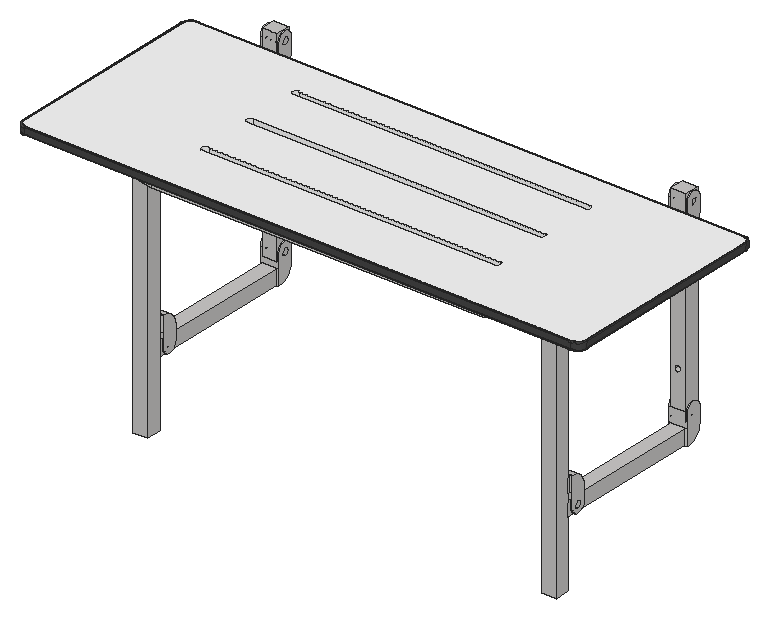
Revit family "Specialty Equipment_Shower Seat_Metlam_ML995CL", category Specialty Equipment, Revit 2014
Parameters (values of type "960w x 496h x 400d")
  URL = "http://www.metlam.com.au/"
  Type Comments = "Shower Seats"  # constant formula
  ModifiedIssue_ANZRS = 20151029  # constant formula
  Model = "ML995CL"
  Frame Material = z_Metlam_Stainless Steel
  Seat Material = z_Metlam_White Laminate
  Manufacturer_URL__Product Specific = "http://metlam.com.au/product/content/shower-seats-shower-related/ML995CL"
  Manufacturer_URL_Home Page = "http://www.metlam.com.au/"
  Manufacturer_Spec Code = Model  # "ML995CL"
  Manufacturer_Overall Width = 960 mm  # constant formula
  Manufacturer_Overall Height = 496 mm  # constant formula
  Manufacturer_Overall Depth = 400 mm  # constant formula
  Manufacturer_Height From FFL [instance] = 473 mm
  Manufacturer = "Metlam"  # constant formula
  Keynote = ""
  Seat Edge Material = z_Metlam_Black
  Description = "Compact Laminate Folding Shower Seat"  # constant formula
  CreatedBy_ANZRS = "IGS - BIM Solutions"  # constant formula
  CreatedByURL_ANZRS = "http://www.igsgroup.com.au/"
  Assembly Code = "C1030200"
Reference planes
  plane 1 "Origin": z = 0
  plane 2 "Front": y = -620.9
  plane 3 "Center (Left/Right)": x = -194.828
  plane 4 "Top": z = 496.456
  plane 5 "Right": x = 285.172
  plane 6 "Bottom": z = 0.456
  plane 7 "Left": x = -674.828
  plane 8 "Back": y = -220.9
  plane 9 "Center (Front/Back)": y = -420.9
  plane 10 "Mounting Height": z = 473
Forms (mm)
  Extrusion 1, solid, material "z_Metlam_White Laminate" <- "Seat Material"
    sketch origin (0, 0, 496.456) x (-1, 0, 0) y (0, -1, 0)
      loop
        arc (434.915, 317.755) -> (441.015, 323.855) -> (434.915, 329.955) r 6.1
        line (434.915, 329.955) -> (-60.789, 329.955)
        arc (-60.789, 329.955) -> (-66.889, 323.855) -> (-60.789, 317.755) r 6.1
        line (-60.789, 317.755) -> (434.915, 317.755)
      loop
        arc (435.579, 414.645) -> (441.678, 420.745) -> (435.579, 426.845) r 6.1
        line (435.579, 426.845) -> (-60.126, 426.845)
        arc (-60.126, 426.845) -> (-66.226, 420.745) -> (-60.126, 414.645) r 6.1
        line (-60.126, 414.645) -> (435.579, 414.645)
      loop
        arc (434.25, 511.221) -> (440.349, 517.321) -> (434.25, 523.421) r 6.1
        line (434.25, 523.421) -> (-61.455, 523.421)
        arc (-61.455, 523.421) -> (-67.554, 517.321) -> (-61.455, 511.221) r 6.1
        line (-61.455, 511.221) -> (434.25, 511.221)
      loop
        arc (659.828, 255.354) -> (668.667, 259.015) -> (672.328, 267.854) r 12.5
        line (672.328, 267.854) -> (672.328, 605.9)
        arc (672.328, 605.9) -> (668.667, 614.738) -> (659.828, 618.4) r 12.5
        line (659.828, 618.4) -> (-270.172, 618.4)
        arc (-270.172, 618.4) -> (-279.011, 614.738) -> (-282.672, 605.9) r 12.5
        line (-282.672, 605.9) -> (-282.672, 267.854)
        arc (-282.672, 267.854) -> (-279.011, 259.015) -> (-270.172, 255.354) r 12.5
        line (-270.172, 255.354) -> (659.828, 255.354)
    from -36.468 to -23.456
  Extrusion 2, solid, material "z_Metlam_Stainless Steel" <- "Frame Material"
    sketch origin (-688.842, 0, 0) x (0, 0, 1) y (0, -1, 0)
      loop
        line (496.456, 220.9) -> (496.456, 245.9) -> (148.421, 245.9) -> (148.421, 220.9) -> (496.456, 220.9)
    from 134.014 to 159.014
  Extrusion 3, solid, material "z_Metlam_Stainless Steel" <- "Frame Material"
    sketch origin (-688.842, 0, 0) x (0, 0, 1) y (0, -1, 0)
      loop
        arc (459.989, 490.998) -> (452.919, 510.523) -> (434.989, 520.998) r 30.5
        line (434.989, 520.998) -> (434.989, 470.599)
        arc (434.989, 470.599) -> (447.489, 458.099) -> (459.989, 470.599) r 12.5
        line (459.989, 470.599) -> (459.989, 490.998)
      loop
        circle (447.59, 472.009) r 5
    from 130.514 to 162.514
  Extrusion 4, solid, material "z_Metlam_Stainless Steel" <- "Frame Material"
    sketch origin (-692.342, 0, 0) x (0, 0, 1) y (0, -1, 0)
      loop
        line (434.989, 245.9) -> (434.989, 244.426)
        arc (434.989, 244.426) -> (441.88, 227.79) -> (458.516, 220.9) r 23.527
        line (458.516, 220.9) -> (483.816, 220.9)
        arc (483.816, 220.9) -> (496.316, 233.4) -> (483.816, 245.9) r 12.5
        line (483.816, 245.9) -> (434.989, 245.9)
      loop
        circle (481.251, 233.181) r 5
    from 134.014 to 166.014
  Extrusion 5, solid, material "z_Metlam_Stainless Steel" <- "Frame Material"
    sketch origin (299.186, 0, 0) x (0, 0, 1) y (0, 1, 0)
      loop
        line (496.456, -220.9) -> (148.421, -220.9) -> (148.421, -245.9) -> (496.456, -245.9) -> (496.456, -220.9)
    from 134.014 to 159.014
  Extrusion 6, solid, material "z_Metlam_Stainless Steel" <- "Frame Material"
    sketch origin (299.186, 0, 0) x (0, 0, 1) y (0, 1, 0)
      loop
        line (459.989, -490.998) -> (459.989, -470.599)
        arc (459.989, -470.599) -> (447.489, -458.099) -> (434.989, -470.599) r 12.5
        line (434.989, -470.599) -> (434.989, -520.998)
        arc (434.989, -520.998) -> (452.919, -510.523) -> (459.989, -490.998) r 30.5
    from 130.514 to 162.514
  Extrusion 7, solid, material "z_Metlam_Stainless Steel" <- "Frame Material"
    sketch origin (302.686, 0, 0) x (0, 0, 1) y (0, 1, 0)
      loop
        line (434.989, -245.9) -> (483.816, -245.9)
        arc (483.816, -245.9) -> (496.316, -233.4) -> (483.816, -220.9) r 12.5
        line (483.816, -220.9) -> (458.516, -220.9)
        arc (458.516, -220.9) -> (441.88, -227.79) -> (434.989, -244.426) r 23.527
        line (434.989, -244.426) -> (434.989, -245.9)
      loop
        circle (481.251, -233.181) r 5
    from 134.014 to 166.014
  Extrusion 8, solid, material "z_Metlam_Stainless Steel" <- "Frame Material"
    sketch origin (140.416, 0, 0) x (0, 0, 1) y (0, -1, 0)
      loop
        line (138.611, 495.998) -> (113.55, 495.998) -> (113.55, 245.9) -> (138.611, 245.9) -> (138.611, 495.998)
    from -0.244 to 24.756
  Extrusion 9, void
    sketch origin (0, -220.9, 0) x (-1, 0, 0) y (0, 0, -1)
      loop
        circle (-152.672, -411.456) r 5
      loop
        circle (-152.672, -225.456) r 5
      loop
        circle (542.328, -411.456) r 5
      loop
        circle (542.328, -225.456) r 5
    from 0 to 25
  Sweep 10, solid, material "z_Metlam_Stainless Steel" <- "Frame Material"
    path origin (0, 0, 496.456) x (-1, 0, 0) y (0, -1, 0)
      loop
        line (-152.672, 245.9) -> (-152.672, 502.854)
        arc (-152.672, 502.854) -> (-130.705, 555.887) -> (-77.672, 577.854) r 75
        line (-77.672, 577.854) -> (467.328, 577.854)
        arc (467.328, 577.854) -> (520.361, 555.887) -> (542.328, 502.854) r 75
        line (542.328, 502.854) -> (542.328, 245.9)
    profile origin (-542.328, -374.377, 496.456) x (-1, 0, 0) y (0, 0, 1)
      loop
        line (12.5, -36.468) -> (-12.5, -36.468) -> (-12.5, -61.468) -> (12.5, -61.468) -> (12.5, -36.468)
  Extrusion 11, solid, material "z_Metlam_Stainless Steel" <- "Frame Material"
    sketch origin (168.672, 0, 0) x (0, 0, 1) y (0, 1, 0)
      loop
        line (163.342, -220.9) -> (137.317, -220.9)
        arc (137.317, -220.9) -> (120.511, -227.861) -> (113.55, -244.667) r 23.768
        line (113.55, -244.667) -> (113.55, -245.9) -> (163.342, -245.9)
        arc (163.342, -245.9) -> (175.842, -233.4) -> (163.342, -220.9) r 12.5
    from 0 to 32
  Extrusion 12, solid, material "z_Metlam_Stainless Steel" <- "Frame Material"
    sketch origin (-558.328, 0, 0) x (0, 0, 1) y (0, -1, 0)
      loop
        arc (163.342, 220.9) -> (175.842, 233.4) -> (163.342, 245.9) r 12.5
        line (163.342, 245.9) -> (113.55, 245.9) -> (113.55, 244.667)
        arc (113.55, 244.667) -> (120.511, 227.861) -> (137.317, 220.9) r 23.768
        line (137.317, 220.9) -> (163.342, 220.9)
    from 0 to 32
  Extrusion 13, solid, material "z_Metlam_Stainless Steel" <- "Frame Material"
    sketch origin (0, 0, 496.456) x (-1, 0, 0) y (0, -1, 0)
      loop
        arc (-136.672, 245.9) -> (-139.147, 246.925) -> (-140.172, 249.4) r 3.5
        line (-140.172, 249.4) -> (-140.172, 245.9) -> (-136.672, 245.9)
      loop
        line (-168.672, 245.9) -> (-165.172, 245.9) -> (-165.172, 249.4)
        arc (-165.172, 249.4) -> (-166.197, 246.925) -> (-168.672, 245.9) r 3.5
      loop
        line (526.328, 245.9) -> (529.828, 245.9) -> (529.828, 249.4)
        arc (529.828, 249.4) -> (528.803, 246.925) -> (526.328, 245.9) r 3.5
      loop
        arc (558.328, 245.9) -> (555.853, 246.925) -> (554.828, 249.4) r 3.5
        line (554.828, 249.4) -> (554.828, 245.9) -> (558.328, 245.9)
    from -61.468 to -36.468
  Extrusion 14, solid, material "z_Metlam_Stainless Steel" <- "Frame Material"
    sketch origin (0, 0, 0.456) x (-1, 0, 0) y (0, -1, 0)
      loop
        arc (-136.672, 245.9) -> (-139.147, 246.925) -> (-140.172, 249.4) r 3.5
        line (-140.172, 249.4) -> (-140.172, 245.9) -> (-136.672, 245.9)
      loop
        line (-165.172, 245.9) -> (-165.172, 249.4)
        arc (-165.172, 249.4) -> (-166.197, 246.925) -> (-168.672, 245.9) r 3.5
        line (-168.672, 245.9) -> (-165.172, 245.9)
      loop
        line (526.328, 245.9) -> (529.828, 245.9) -> (529.828, 249.4)
        arc (529.828, 249.4) -> (528.803, 246.925) -> (526.328, 245.9) r 3.5
      loop
        line (554.828, 245.9) -> (558.328, 245.9)
        arc (558.328, 245.9) -> (555.853, 246.925) -> (554.828, 249.4) r 3.5
        line (554.828, 249.4) -> (554.828, 245.9)
    from 113.093 to 138.155
  Extrusion 15, solid, material "z_Metlam_Stainless Steel" <- "Frame Material"
    sketch origin (-530.072, 0, 0) x (0, 0, 1) y (0, 1, 0)
      loop
        line (138.611, -495.998) -> (138.611, -245.9) -> (113.55, -245.9) -> (113.55, -495.998) -> (138.611, -495.998)
    from -0.244 to 24.756
  Extrusion 16, solid, material "z_Metlam_Stainless Steel" <- "Frame Material"
    sketch origin (171.672, 0, 0) x (0, 0, 1) y (0, 1, 0)
      loop
        circle (159.88, -233.678) r 5
      loop
        circle (481.251, -233.181) r 5
      loop
        circle (447.59, -472.009) r 5
    from 3 to 35
  Extrusion 17, solid, material "z_Metlam_Stainless Steel" <- "Frame Material"
    sketch origin (-561.328, 0, 0) x (0, 0, 1) y (0, -1, 0)
      loop
        circle (159.88, 233.678) r 5
      loop
        circle (481.251, 233.181) r 5
      loop
        circle (447.59, 472.009) r 5
    from 3 to 35
  Extrusion 18, solid, material "z_Metlam_Stainless Steel" <- "Frame Material"
    sketch origin (168.672, -246.098, 2088.478) x (0, 0, -1) y (0, -1, 0)
      loop
        arc (1962.429, 220.9) -> (1974.929, 233.4) -> (1962.429, 245.9) r 12.5
        line (1962.429, 245.9) -> (1912.637, 245.9) -> (1912.637, 244.667)
        arc (1912.637, 244.667) -> (1919.598, 227.861) -> (1936.404, 220.9) r 23.768
        line (1936.404, 220.9) -> (1962.429, 220.9)
    from 0 to 32
  Extrusion 19, solid, material "z_Metlam_Stainless Steel" <- "Frame Material"
    sketch origin (165.172, 0, 0) x (0, 0, 1) y (0, 1, 0)
      loop
        line (175.842, -491.998) -> (150.842, -491.998) -> (150.842, -495.998) -> (175.842, -495.998) -> (175.842, -491.998)
    from 0 to 25
  Extrusion 20, solid, material "z_Metlam_Stainless Steel" <- "Frame Material"
    sketch origin (-554.828, 0, 0) x (0, 0, 1) y (0, -1, 0)
      loop
        line (175.842, 491.998) -> (175.842, 495.998) -> (150.842, 495.998) -> (150.842, 491.998) -> (175.842, 491.998)
    from 0 to 25
  Extrusion 21, solid, material "z_Metlam_Stainless Steel" <- "Frame Material"
    sketch origin (171.672, 0, 0) x (0, 0, 1) y (0, 1, 0)
      loop
        circle (127.103, -479.498) r 5
    from 3 to 35
  Extrusion 22, solid, material "z_Metlam_Stainless Steel" <- "Frame Material"
    sketch origin (-561.328, 0, 0) x (0, 0, 1) y (0, -1, 0)
      loop
        circle (127.103, 479.498) r 5
    from 3 to 35
  Extrusion 23, solid, material "z_Metlam_Stainless Steel" <- "Frame Material"
    sketch origin (-558.328, -246.098, 2088.478) x (0, 0, -1) y (0, 1, 0)
      loop
        line (1962.429, -220.9) -> (1936.404, -220.9)
        arc (1936.404, -220.9) -> (1919.598, -227.861) -> (1912.637, -244.667) r 23.768
        line (1912.637, -244.667) -> (1912.637, -245.9) -> (1962.429, -245.9)
        arc (1962.429, -245.9) -> (1974.929, -233.4) -> (1962.429, -220.9) r 12.5
    from 0 to 32
  Extrusion 24, solid, material "z_Metlam_Stainless Steel" <- "Frame Material"
    sketch origin (0, 0, 0.456) x (-1, 0, 0) y (0, -1, 0)
      loop
        arc (558.328, 491.998) -> (555.853, 493.023) -> (554.828, 495.498) r 3.5
        line (554.828, 495.498) -> (554.828, 491.998) -> (558.328, 491.998)
      loop
        line (526.328, 491.998) -> (529.828, 491.998) -> (529.828, 495.498)
        arc (529.828, 495.498) -> (528.803, 493.023) -> (526.328, 491.998) r 3.5
      loop
        line (-168.672, 491.998) -> (-165.172, 491.998) -> (-165.172, 495.498)
        arc (-165.172, 495.498) -> (-166.197, 493.023) -> (-168.672, 491.998) r 3.5
      loop
        arc (-136.672, 491.998) -> (-139.147, 493.023) -> (-140.172, 495.498) r 3.5
        line (-140.172, 495.498) -> (-140.172, 491.998) -> (-136.672, 491.998)
    from 150.385 to 175.385
  Extrusion 25, solid, material "z_Metlam_Stainless Steel" <- "Frame Material"
    sketch origin (0, 0, 0.456) x (-1, 0, 0) y (0, -1, 0)
      loop
        line (558.328, 520.998) -> (526.328, 520.998) -> (526.328, 495.998) -> (558.328, 495.998) -> (558.328, 520.998)
      loop
        line (-168.672, 520.998) -> (-168.672, 495.998) -> (-136.672, 495.998) -> (-136.672, 520.998) -> (-168.672, 520.998)
    from 0 to 434.532
  Extrusion 26, void
    sketch origin (0, -620.9, 0) x (-1, 0, 0) y (0, 0, 1)
      loop
        line (526.328, 434.989) -> (526.328, 0.456) -> (529.828, 0.456) -> (529.828, 431.489)
        arc (529.828, 431.489) -> (528.803, 433.964) -> (526.328, 434.989) r 3.5
      loop
        arc (558.328, 434.989) -> (555.853, 433.964) -> (554.828, 431.489) r 3.5
        line (554.828, 431.489) -> (554.828, 0.456) -> (558.328, 0.456) -> (558.328, 434.989)
      loop
        arc (-136.672, 434.989) -> (-139.147, 433.964) -> (-140.172, 431.489) r 3.5
        line (-140.172, 431.489) -> (-140.172, 0.456) -> (-136.672, 0.456) -> (-136.672, 434.989)
      loop
        line (-168.672, 434.989) -> (-168.672, 0.456) -> (-165.172, 0.456) -> (-165.172, 431.489)
        arc (-165.172, 431.489) -> (-166.197, 433.964) -> (-168.672, 434.989) r 3.5
    from 99.902 to 124.902
  Sweep 27, solid, material "z_Metlam_Black" <- "Seat Edge Material"
    path in 3D
      loop
        arc (270.172, -618.4, 473) -> (279.011, -614.738, 473) -> (282.672, -605.9, 473) r 12.5
        line (282.672, -605.9, 473) -> (282.672, -267.854, 473)
        arc (282.672, -267.854, 473) -> (279.011, -259.015, 473) -> (270.172, -255.354, 473) r 12.5
        line (270.172, -255.354, 473) -> (-659.828, -255.354, 473)
        arc (-659.828, -255.354, 473) -> (-668.667, -259.015, 473) -> (-672.328, -267.854, 473) r 12.5
        line (-672.328, -267.854, 473) -> (-672.328, -605.9, 473)
        arc (-672.328, -605.9, 473) -> (-668.667, -614.738, 473) -> (-659.828, -618.4, 473) r 12.5
        line (-659.828, -618.4, 473) -> (270.172, -618.4, 473)
    profile origin (-194.828, -618.4, 473) x (0, 1, 0) y (0, 0, 1)
      loop
        line (0, 0) -> (-1, 0)
        arc (-1, 0) -> (-2.061, -0.439) -> (-2.5, -1.5) r 1.5
        line (-2.5, -1.5) -> (-2.5, -11.511)
        arc (-2.5, -11.511) -> (-2.061, -12.572) -> (-1, -13.011) r 1.5
        line (-1, -13.011) -> (0, -13.011) -> (0, 0)
Cuts and joins
  Extrusion 9 cuts Extrusion 2
  Extrusion 9 cuts Extrusion 5
  joined: Extrusion 4, Extrusion 7, Extrusion 8, Sweep 10, Extrusion 11, Extrusion 12, Extrusion 13, Extrusion 14, Extrusion 15, Extrusion 18, Extrusion 19, Extrusion 20, Extrusion 23, Extrusion 24
  Extrusion 26 cuts Extrusion 25
Lines and regions (mm)
  Masking region 1
    outline origin (0, -620.9, 0) x (-1, 0, 0) y (0, 0, 1)
      loop
        line (674.828, 473) -> (558.328, 473) -> (558.328, 496.456) -> (526.328, 496.456) -> (526.328, 473) -> (-136.672, 473) -> (-136.672, 496.456) -> (-168.672, 496.456) -> (-168.672, 473) -> (-285.172, 473) -> (-285.172, 459.989) -> (-168.672, 459.989) -> (-168.672, 434.989)
        arc (-168.672, 434.989) -> (-166.197, 433.964) -> (-165.172, 431.489) r 3.5
        line (-165.172, 431.489) -> (-165.172, 175.874) -> (-168.672, 175.874) -> (-168.672, 113.55) -> (-165.172, 113.55) -> (-165.172, 0.456) -> (-140.172, 0.456) -> (-140.172, 113.55) -> (-136.672, 113.55) -> (-136.672, 175.874) -> (-140.172, 175.874) -> (-140.172, 431.489)
        arc (-140.172, 431.489) -> (-139.147, 433.964) -> (-136.672, 434.989) r 3.5
        line (-136.672, 434.989) -> (526.328, 434.989)
        arc (526.328, 434.989) -> (528.803, 433.964) -> (529.828, 431.489) r 3.5
        line (529.828, 431.489) -> (529.828, 175.874) -> (526.328, 175.874) -> (526.328, 113.55) -> (529.828, 113.55) -> (529.828, 0.456) -> (554.828, 0.456) -> (554.828, 113.55) -> (558.328, 113.55) -> (558.328, 175.874) -> (554.828, 175.874) -> (554.828, 431.489)
        arc (554.828, 431.489) -> (555.853, 433.964) -> (558.328, 434.989) r 3.5
        line (558.328, 434.989) -> (558.328, 459.989) -> (674.828, 459.989) -> (674.828, 473)
  Masking region 2
    outline origin (285.172, 0, 0) x (0, 0, 1) y (0, -1, 0)
      loop
        line (473, 620.9) -> (459.989, 620.9) -> (459.989, 590.354) -> (434.989, 590.354) -> (434.989, 520.998) -> (0.456, 520.998) -> (0.456, 495.998) -> (113.55, 495.998) -> (113.55, 245.9)
        arc (113.55, 245.9) -> (119.457, 228.909) -> (135.564, 220.9) r 23.81
        line (135.564, 220.9) -> (496.456, 220.9) -> (496.456, 245.9) -> (459.989, 245.9) -> (459.989, 252.854) -> (473, 252.854) -> (473, 620.9)
      loop
        line (434.989, 495.998) -> (175.842, 495.998) -> (175.842, 490.765)
        arc (175.842, 490.765) -> (168.88, 473.959) -> (152.074, 466.998) r 23.768
        line (152.074, 466.998) -> (138.611, 466.998) -> (138.611, 245.9) -> (434.989, 245.9) -> (434.989, 495.998)
      loop
        line (138.611, 495.998) -> (138.611, 491.998) -> (150.842, 491.998) -> (150.842, 495.998) -> (138.611, 495.998)
  Masking region 3
    outline origin (0, 0, 496.456) x (-1, 0, 0) y (0, -1, 0)
      loop
        line (-270.172, 252.854) -> (-165.172, 252.854)
        arc (-165.172, 252.854) -> (-166.364, 249.096) -> (-168.672, 245.9) r 12.455
        line (-168.672, 245.9) -> (-168.672, 220.9) -> (-136.672, 220.9) -> (-136.672, 245.9)
        arc (-136.672, 245.9) -> (-138.977, 249.097) -> (-140.172, 252.854) r 12.5
        line (-140.172, 252.854) -> (529.828, 252.854)
        arc (529.828, 252.854) -> (528.633, 249.097) -> (526.328, 245.9) r 12.5
        line (526.328, 245.9) -> (526.328, 220.9) -> (558.328, 220.9) -> (558.328, 245.9)
        arc (558.328, 245.9) -> (556.021, 249.096) -> (554.828, 252.854) r 12.455
        line (554.828, 252.854) -> (659.828, 252.854)
        arc (659.828, 252.854) -> (670.435, 257.247) -> (674.828, 267.854) r 15
        line (674.828, 267.854) -> (674.828, 605.9)
        arc (674.828, 605.9) -> (670.435, 616.506) -> (659.828, 620.9) r 15
        line (659.828, 620.9) -> (-270.172, 620.9)
        arc (-270.172, 620.9) -> (-280.778, 616.506) -> (-285.172, 605.9) r 15
        line (-285.172, 605.9) -> (-285.172, 267.854)
        arc (-285.172, 267.854) -> (-280.778, 257.247) -> (-270.172, 252.854) r 15
      loop
        arc (434.915, 317.755) -> (441.015, 323.855) -> (434.915, 329.955) r 6.1
        line (434.915, 329.955) -> (-60.789, 329.955)
        arc (-60.789, 329.955) -> (-66.889, 323.855) -> (-60.789, 317.755) r 6.1
        line (-60.789, 317.755) -> (434.915, 317.755)
      loop
        arc (435.579, 414.645) -> (441.678, 420.745) -> (435.579, 426.845) r 6.1
        line (435.579, 426.845) -> (-60.126, 426.845)
        arc (-60.126, 426.845) -> (-66.226, 420.745) -> (-60.126, 414.645) r 6.1
        line (-60.126, 414.645) -> (435.579, 414.645)
      loop
        arc (434.25, 511.221) -> (440.349, 517.321) -> (434.25, 523.421) r 6.1
        line (434.25, 523.421) -> (-61.455, 523.421)
        arc (-61.455, 523.421) -> (-67.554, 517.321) -> (-61.455, 511.221) r 6.1
        line (-61.455, 511.221) -> (434.25, 511.221)
  symbolic lines, style "Bathroom Fixtures", detail levels fine
    curve 1: line (-554.828, -620.9, 496.456) -> (-554.828, -620.9, 473)
    curve 2: line (-529.828, -620.9, 496.456) -> (-529.828, -620.9, 473)
    curve 5: line (140.172, -620.9, 496.456) -> (140.172, -620.9, 473)
    curve 6: line (165.172, -620.9, 496.456) -> (165.172, -620.9, 473)
    curve 7: line (-558.328, -620.9, 138.611) -> (-554.828, -620.9, 138.611)
    curve 8: line (-529.828, -620.9, 138.611) -> (-526.328, -620.9, 138.611)
    curve 9: line (165.172, -620.9, 138.611) -> (168.672, -620.9, 138.611)
    curve 10: line (136.672, -620.9, 138.611) -> (140.172, -620.9, 138.611)
    curve 20: circle (285.172, -233.181, 481.251) r 5 normal (-1, 0, 0)
    curve 21: circle (285.172, -472.009, 447.59) r 5 normal (-1, 0, 0)
    curve 22: circle (285.172, -233.678, 159.88) r 5 normal (-1, 0, 0)
    curve 26: line (-554.828, -220.9, 496.456) -> (-554.828, -245.9, 496.456)
    curve 27: line (-529.828, -220.9, 496.456) -> (-529.828, -245.9, 496.456)
    curve 31: line (165.172, -220.9, 496.456) -> (165.172, -245.9, 496.456)
    curve 32: line (140.172, -220.9, 496.456) -> (140.172, -245.9, 496.456)
    curve 37: arc (285.172, -479.498, 122.103) -> (285.172, -474.498, 127.103) -> (285.172, -479.498, 132.103) r 5
    curve 38: arc (285.172, -479.498, 132.103) -> (285.172, -484.498, 127.103) -> (285.172, -479.498, 122.103) r 5
  symbolic lines, style "Bathroom Fixtures", detail levels medium+fine
    curve 3: line (-558.328, -620.9, 434.989) -> (-526.328, -620.9, 434.989)
    curve 4: line (-558.328, -620.9, 459.989) -> (169.172, -620.9, 459.989)
    curve 11: line (-554.828, -620.9, 175.729) -> (-554.828, -620.9, 113.55)
    curve 12: line (-529.828, -620.9, 113.55) -> (-529.828, -620.9, 175.729)
    curve 13: line (140.172, -620.9, 113.55) -> (140.172, -620.9, 175.876)
    curve 14: line (165.172, -620.9, 113.55) -> (165.172, -620.9, 175.876)
    curve 15: line (-558.328, -620.9, 473) -> (-526.328, -620.9, 473)
    curve 16: line (136.672, -620.9, 473) -> (168.672, -620.9, 473)
    curve 17: line (168.672, -620.9, 434.989) -> (136.672, -620.9, 434.989)
    curve 18: line (285.172, -590.354, 459.989) -> (285.172, -252.854, 459.989)
    curve 19: arc (285.172, -245.9, 434.989) -> (285.172, -228.32, 441.354) -> (285.172, -220.9, 458.516) r 23.581
    curve 23: arc (285.172, -520.998, 434.989) -> (285.172, -510.523, 452.919) -> (285.172, -490.998, 459.989) r 30.5
    curve 24: arc (285.172, -470.599, 459.989) -> (285.172, -458.099, 447.489) -> (285.172, -470.599, 434.989) r 12.5
    curve 25: arc (285.172, -245.9, 163.342) -> (285.172, -233.367, 175.874) -> (285.172, -220.834, 163.342) r 12.533
    curve 28: line (-558.328, -245.9, 496.456) -> (-526.328, -245.9, 496.456)
    curve 29: line (-554.828, -252.854, 496.456) -> (-529.828, -252.854, 496.456)
    curve 30: line (140.172, -252.854, 496.456) -> (165.172, -252.854, 496.456)
    curve 33: line (168.672, -245.9, 496.456) -> (136.672, -245.9, 496.456)
    curve 34: arc (285.172, -466.998, 126.05) -> (285.172, -479.498, 113.55) -> (285.172, -491.998, 126.05) r 12.5
    curve 35: line (285.172, -491.998, 126.05) -> (285.172, -491.998, 138.611)
    curve 36: line (285.172, -466.998, 126.05) -> (285.172, -466.998, 138.611)
    curve 39: arc (285.172, -245.9, 483.816) -> (285.172, -233.4, 496.316) -> (285.172, -220.9, 483.816) r 12.5
  sketch lines
    curve 40: line (-659.828, -618.4, 473) -> (270.172, -618.4, 473)
    curve 41: arc (282.672, -605.9, 473) -> (279.011, -614.738, 473) -> (270.172, -618.4, 473) r 12.5
    curve 42: line (282.672, -605.9, 473) -> (282.672, -267.854, 473)
    curve 43: arc (270.172, -255.354, 473) -> (279.011, -259.015, 473) -> (282.672, -267.854, 473) r 12.5
    curve 44: line (270.172, -255.354, 473) -> (-659.828, -255.354, 473)
    curve 45: arc (-672.328, -267.854, 473) -> (-668.667, -259.015, 473) -> (-659.828, -255.354, 473) r 12.5
    curve 46: line (-672.328, -267.854, 473) -> (-672.328, -605.9, 473)
    curve 47: arc (-659.828, -618.4, 473) -> (-668.667, -614.738, 473) -> (-672.328, -605.9, 473) r 12.5
Text (mm)
  text "Disclaimer:\n\nDue to ongoing product development and manufacturing evolution, product details are subject to change without notice.\n\nPlease refer to product technical data sheets on www.metlam.com.au for the most current product information.\n\nPlease allow a +/- 5mm tolerance for dimensions and set-outs shown in product literature.\n\n© Metlam 2015" at (711.016, -140.739, 0), in view "Ref. Level_Instruction"
Dimensions and locks
  "Manufacturer_Overall Width": plane 7 "Left" to plane 5 "Right"
  "Manufacturer_Overall Depth": plane 2 "Front" to plane 8 "Back"
  "Manufacturer_Height From FFL": plane 10 "Mounting Height" to level
  equal spacing: plane 2 "Front", plane 9 "Center (Front/Back)", plane 8 "Back"
  equal spacing: plane 7 "Left", plane 3 "Center (Left/Right)", plane 5 "Right"
  "Manufacturer_Overall Height": plane 6 "Bottom" to plane 4 "Top"
  locked: plane 10 "Mounting Height" to plane 4 "Top" at 23.456
  aligned and locked: level to plane 1 "Origin"
  aligned and locked: cut or joined group 1 (Extrusion 4, Extrusion 7, Extrusion 8, Sweep 10, Extrusion 11, Extrusion 12, Extrusion 13, Extrusion 14, Extrusion 15, Extrusion 18, Extrusion 19, Extrusion 20, Extrusion 23, Extrusion 24) to cut or joined group 1
  aligned and locked: Extrusion 24 to cut or joined group 1  (x2)
  aligned and locked: Extrusion 19 to Extrusion 24
  aligned and locked: Extrusion 25 to cut or joined group 1
Automatic sketch dimensions
  plane 8 "Back" to curve 31 = 0 mm
  plane 8 "Back" to curve 32 = 0 mm
  plane 8 "Back" to curve 27 = 0 mm
  plane 8 "Back" to curve 26 = 0 mm
  curve 30 to curve 31 = 0 mm
  curve 31 to curve 32 = 25 mm
  curve 30 to curve 32 = 0 mm
  curve 32 to curve 33 = 3.5 mm
  curve 29 to curve 27 = 0 mm
  curve 29 to curve 29 = 25 mm
  curve 27 to curve 26 = 25 mm
  curve 26 to curve 28 = 3.5 mm
  curve 31 to curve 30 = 6.954 mm
  curve 26 to curve 29 = 6.954 mm
  plane 5 "Right" to Sweep 10 sketch curve = 132.5 mm
  Sweep 10 sketch curve to Sweep 10 sketch curve = 75 mm  (x2)
  plane 7 "Left" to Sweep 10 sketch curve = 207.5 mm
  plane 8 "Back" to Sweep 10 sketch curve = 25 mm  (x2)
  Sweep 10 sketch curve to plane 9 "Center (Front/Back)" = 81.954 mm
  plane 8 "Back" to Extrusion 14 sketch curve = 28.5 mm
  plane 5 "Right" to Extrusion 14 sketch curve = 116.5 mm
  Extrusion 14 sketch curve to Extrusion 14 sketch curve = 3.5 mm  (x4)
  Extrusion 14 sketch curve to Extrusion 14 sketch curve = 25 mm  (x2)
  plane 8 "Back" to Extrusion 14 sketch curve = 25 mm  (x3)
  plane 7 "Left" to Extrusion 14 sketch curve = 148.5 mm
  plane 5 "Right" to Extrusion 24 sketch curve = 116.5 mm
  Extrusion 24 sketch curve to Extrusion 24 sketch curve = 3.5 mm  (x4)
  Extrusion 24 sketch curve to Extrusion 24 sketch curve = 25 mm  (x2)
  Extrusion 24 sketch curve to plane 9 "Center (Front/Back)" = 71.098 mm  (x2)
  plane 7 "Left" to Extrusion 24 sketch curve = 148.5 mm
  Extrusion 24 sketch curve to Extrusion 24 sketch curve = 0 mm  (x2)
  plane 8 "Back" to Extrusion 13 sketch curve = 25 mm  (x4)
  plane 5 "Right" to Extrusion 13 sketch curve = 116.5 mm
  Extrusion 13 sketch curve to Extrusion 13 sketch curve = 3.5 mm  (x4)
  Extrusion 13 sketch curve to Extrusion 13 sketch curve = 25 mm  (x2)
  plane 7 "Left" to Extrusion 13 sketch curve = 148.5 mm
  plane 5 "Right" to Extrusion 25 sketch curve = 116.5 mm
  Extrusion 25 sketch curve to Extrusion 25 sketch curve = 32 mm  (x2)
  plane 7 "Left" to Extrusion 25 sketch curve = 148.5 mm
  Extrusion 25 sketch curve to plane 9 "Center (Front/Back)" = 75.098 mm  (x2)
  Extrusion 25 sketch curve to Extrusion 25 sketch curve = 25 mm  (x2)
  plane 8 "Back" to curve 33 = 25 mm
  plane 5 "Right" to curve 33 = 148.5 mm
  curve 33 to curve 31 = 3.5 mm
  plane 8 "Back" to curve 28 = 25 mm
  plane 7 "Left" to curve 28 = 148.5 mm
  curve 28 to curve 27 = 3.5 mm
  curve 6 to plane 4 "Top" = 0 mm
  curve 5 to plane 4 "Top" = 0 mm
  curve 2 to plane 4 "Top" = 0 mm
  curve 1 to plane 4 "Top" = 0 mm
  curve 4 to plane 4 "Top" = 36.468 mm
  plane 5 "Right" to curve 4 = 116 mm
  plane 5 "Right" to curve 9 = 116.5 mm
  curve 4 to curve 16 = 0.5 mm
  curve 4 to curve 17 = 0.5 mm
  curve 9 to curve 14 = 3.5 mm
  curve 16 to curve 6 = 3.5 mm
  curve 9 to curve 10 = 25 mm
  curve 6 to curve 5 = 25 mm
  curve 10 to curve 10 = 3.5 mm
  curve 5 to curve 16 = 3.5 mm
  curve 3 to plane 4 "Top" = 61.468 mm
  plane 7 "Left" to curve 3 = 148.5 mm
  plane 7 "Left" to curve 8 = 148.5 mm
  curve 3 to curve 15 = 0 mm
  curve 8 to curve 8 = 3.5 mm
  curve 15 to curve 2 = 3.5 mm
  curve 12 to curve 11 = 25 mm
  curve 2 to curve 1 = 25 mm
  curve 1 to curve 4 = 3.5 mm
  curve 7 to curve 7 = 3.5 mm
  curve 1 to curve 15 = 3.5 mm
  plane 6 "Bottom" to curve 14 = 175.419 mm
  curve 13 to curve 14 = 0 mm  (x2)
  plane 6 "Bottom" to curve 12 = 175.272 mm
  curve 11 to curve 12 = 0 mm  (x2)
  curve 10 to curve 13 = 37.264 mm
  curve 9 to curve 10 = 0 mm
  curve 8 to curve 12 = 37.117 mm
  curve 7 to curve 8 = 0 mm
  curve 14 to curve 9 = 25.062 mm
  curve 12 to curve 8 = 25.062 mm
  curve 16 to plane 4 "Top" = 23.456 mm
  curve 2 to curve 2 = 23.456 mm
  Extrusion 2 sketch curve to plane 8 "Back" = 0 mm
  Extrusion 2 sketch curve to plane 4 "Top" = 0 mm
  plane 8 "Back" to Extrusion 2 sketch curve = 25 mm
  plane 6 "Bottom" to Extrusion 2 sketch curve = 147.965 mm
  Extrusion 3 sketch curve to plane 4 "Top" = 66.968 mm
  Extrusion 3 sketch curve to Extrusion 3 sketch curve = 5.5 mm
  Extrusion 3 sketch curve to Extrusion 3 sketch curve = 12.5 mm
  Extrusion 3 sketch curve to Extrusion 3 sketch curve = 0.102 mm
  Extrusion 3 sketch curve to plane 9 "Center (Front/Back)" = 49.699 mm
  Extrusion 3 sketch curve to Extrusion 3 sketch curve = 1.41 mm
  Extrusion 3 sketch curve to Extrusion 3 sketch curve = 20.399 mm
  Extrusion 4 sketch curve to plane 8 "Back" = 0 mm
  Extrusion 4 sketch curve to plane 4 "Top" = 61.468 mm
  Extrusion 4 sketch curve to Extrusion 4 sketch curve = 23.527 mm
  Extrusion 4 sketch curve to plane 4 "Top" = 15.206 mm
  Extrusion 4 sketch curve to Extrusion 4 sketch curve = 2.566 mm
  plane 8 "Back" to Extrusion 4 sketch curve = 12.282 mm
  Extrusion 4 sketch curve to Extrusion 4 sketch curve = 0.218 mm
  Extrusion 5 sketch curve to plane 8 "Back" = 0 mm
  Extrusion 5 sketch curve to plane 4 "Top" = 0 mm
  Extrusion 5 sketch curve to plane 8 "Back" = 25 mm
  Extrusion 5 sketch curve to plane 6 "Bottom" = 147.965 mm
  plane 4 "Top" to Extrusion 6 sketch curve = 66.968 mm
  Extrusion 6 sketch curve to Extrusion 6 sketch curve = 5.5 mm
  Extrusion 6 sketch curve to Extrusion 6 sketch curve = 12.5 mm
  plane 9 "Center (Front/Back)" to Extrusion 6 sketch curve = 49.699 mm
  Extrusion 6 sketch curve to Extrusion 6 sketch curve = 20.399 mm
  Extrusion 7 sketch curve to plane 8 "Back" = 0 mm
  plane 4 "Top" to Extrusion 7 sketch curve = 61.468 mm
  Extrusion 7 sketch curve to Extrusion 7 sketch curve = 23.527 mm
  plane 4 "Top" to Extrusion 7 sketch curve = 15.206 mm
  Extrusion 7 sketch curve to Extrusion 7 sketch curve = 2.566 mm
  Extrusion 7 sketch curve to plane 8 "Back" = 12.282 mm
  Extrusion 7 sketch curve to Extrusion 7 sketch curve = 0.218 mm
  plane 6 "Bottom" to Extrusion 8 sketch curve = 113.093 mm
  Extrusion 8 sketch curve to Extrusion 8 sketch curve = 25.062 mm
  plane 8 "Back" to Extrusion 8 sketch curve = 25 mm
  Extrusion 8 sketch curve to plane 9 "Center (Front/Back)" = 75.098 mm
  Extrusion 9 sketch curve to plane 5 "Right" = 132.5 mm  (x2)
  Extrusion 9 sketch curve to plane 7 "Left" = 132.5 mm  (x2)
  Extrusion 9 sketch curve to plane 6 "Bottom" = 225 mm  (x2)
  plane 4 "Top" to Extrusion 9 sketch curve = 85 mm  (x2)
  profile plane to Sweep 10 sketch curve = 12.5 mm
  Sweep 10 sketch curve to profile plane = 12.5 mm
  Sweep 10 sketch curve to plane 4 "Top" = 61.468 mm
  Sweep 10 sketch curve to Sweep 10 sketch curve = 25 mm
  Extrusion 11 sketch curve to plane 8 "Back" = 0 mm
  Extrusion 11 sketch curve to plane 8 "Back" = 25 mm
  Extrusion 11 sketch curve to plane 6 "Bottom" = 113.093 mm
  Extrusion 11 sketch curve to Extrusion 11 sketch curve = 23.768 mm
  Extrusion 11 sketch curve to Extrusion 11 sketch curve = 26.024 mm
  Extrusion 12 sketch curve to plane 8 "Back" = 0 mm
  plane 8 "Back" to Extrusion 12 sketch curve = 25 mm
  plane 6 "Bottom" to Extrusion 12 sketch curve = 113.093 mm
  plane 8 "Back" to Extrusion 12 sketch curve = 23.768 mm
  Extrusion 12 sketch curve to Extrusion 12 sketch curve = 26.024 mm
  plane 6 "Bottom" to Extrusion 15 sketch curve = 113.093 mm
  Extrusion 15 sketch curve to Extrusion 15 sketch curve = 25.062 mm
  Extrusion 15 sketch curve to plane 9 "Center (Front/Back)" = 75.098 mm
  plane 8 "Back" to Extrusion 15 sketch curve = 25 mm
  Extrusion 16 sketch curve to plane 8 "Back" = 12.779 mm
  Extrusion 16 sketch curve to plane 6 "Bottom" = 159.423 mm
  plane 4 "Top" to Extrusion 16 sketch curve = 48.866 mm
  plane 4 "Top" to Extrusion 16 sketch curve = 15.206 mm
  Extrusion 16 sketch curve to plane 8 "Back" = 12.282 mm
  plane 9 "Center (Front/Back)" to Extrusion 16 sketch curve = 51.109 mm
  plane 8 "Back" to Extrusion 17 sketch curve = 12.779 mm
  plane 6 "Bottom" to Extrusion 17 sketch curve = 159.423 mm
  Extrusion 17 sketch curve to plane 4 "Top" = 48.866 mm
  Extrusion 17 sketch curve to plane 4 "Top" = 15.206 mm
  plane 8 "Back" to Extrusion 17 sketch curve = 12.282 mm
  Extrusion 17 sketch curve to plane 9 "Center (Front/Back)" = 51.109 mm
  plane 5 "Right" to Masking region 1 sketch curve = 0 mm
  Masking region 1 sketch curve to plane 4 "Top" = 0 mm  (x2)
  Masking region 1 sketch curve to plane 6 "Bottom" = 0 mm  (x2)
  plane 7 "Left" to Masking region 1 sketch curve = 0 mm
  Masking region 1 sketch curve to plane 4 "Top" = 36.468 mm
  Masking region 1 sketch curve to Masking region 1 sketch curve = 116.5 mm
  plane 5 "Right" to Masking region 1 sketch curve = 116.5 mm
  Masking region 1 sketch curve to Masking region 1 sketch curve = 0 mm  (x9)
  Masking region 1 sketch curve to Masking region 1 sketch curve = 3.5 mm  (x8)
  Masking region 1 sketch curve to Masking region 1 sketch curve = 25 mm  (x5)
  Masking region 1 sketch curve to Masking region 1 sketch curve = 32 mm  (x2)
  Masking region 1 sketch curve to plane 4 "Top" = 61.468 mm
  plane 7 "Left" to Masking region 1 sketch curve = 148.5 mm  (x2)
  plane 6 "Bottom" to Masking region 1 sketch curve = 113.093 mm  (x2)
  Masking region 1 sketch curve to Masking region 1 sketch curve = 62.325 mm  (x2)
  Masking region 1 sketch curve to Masking region 1 sketch curve = 23.456 mm
  Masking region 1 sketch curve to Masking region 1 sketch curve = 13.011 mm  (x2)
  Masking region 2 sketch curve to plane 6 "Bottom" = 0 mm
  Masking region 2 sketch curve to plane 8 "Back" = 0 mm
  Masking region 2 sketch curve to plane 2 "Front" = 0 mm
  Masking region 2 sketch curve to plane 4 "Top" = 0 mm
  plane 6 "Bottom" to Masking region 2 sketch curve = 113.093 mm
  Masking region 2 sketch curve to Masking region 2 sketch curve = 22.015 mm
  plane 8 "Back" to Masking region 2 sketch curve = 23.745 mm
  Masking region 2 sketch curve to Masking region 2 sketch curve = 23.777 mm
  Masking region 2 sketch curve to Masking region 2 sketch curve = 1.285 mm
  Masking region 2 sketch curve to Masking region 2 sketch curve = 0 mm  (x2)
  Masking region 2 sketch curve to Masking region 2 sketch curve = 12.23 mm
  Masking region 2 sketch curve to Masking region 2 sketch curve = 13.463 mm
  Masking region 2 sketch curve to Masking region 2 sketch curve = 23.768 mm
  Masking region 2 sketch curve to plane 4 "Top" = 61.468 mm
  Masking region 2 sketch curve to Masking region 2 sketch curve = 25 mm  (x3)
  Masking region 2 sketch curve to Masking region 2 sketch curve = 13.011 mm
  plane 8 "Back" to Masking region 2 sketch curve = 25 mm  (x2)
  Masking region 2 sketch curve to Masking region 2 sketch curve = 6.954 mm
  Masking region 2 sketch curve to plane 9 "Center (Front/Back)" = 46.098 mm
  Masking region 2 sketch curve to Masking region 2 sketch curve = 1.232 mm
  Masking region 2 sketch curve to plane 9 "Center (Front/Back)" = 75.098 mm  (x2)
  Masking region 2 sketch curve to Masking region 2 sketch curve = 4 mm
  plane 2 "Front" to Masking region 2 sketch curve = 30.546 mm
  Masking region 3 sketch curve to plane 5 "Right" = 0 mm
  Masking region 3 sketch curve to plane 2 "Front" = 0 mm
  plane 8 "Back" to Masking region 3 sketch curve = 0 mm  (x2)
  Masking region 3 sketch curve to plane 7 "Left" = 0 mm
  plane 5 "Right" to Masking region 3 sketch curve = 15 mm
  Masking region 3 sketch curve to Masking region 3 sketch curve = 15 mm
  Masking region 3 sketch curve to Masking region 3 sketch curve = 92.682 mm
  Masking region 3 sketch curve to Masking region 3 sketch curve = 8.818 mm
  Masking region 3 sketch curve to Masking region 3 sketch curve = 3.5 mm  (x3)
  Masking region 3 sketch curve to Masking region 3 sketch curve = 25 mm  (x2)
  Masking region 3 sketch curve to Masking region 3 sketch curve = 32 mm
  Masking region 3 sketch curve to Masking region 3 sketch curve = 8.86 mm  (x2)
  Masking region 3 sketch curve to plane 9 "Center (Front/Back)" = 90.322 mm
  plane 5 "Right" to Masking region 3 sketch curve = 223.717 mm
  Masking region 3 sketch curve to Masking region 3 sketch curve = 67.022 mm
  Masking region 3 sketch curve to plane 9 "Center (Front/Back)" = 5.945 mm
  Masking region 3 sketch curve to Masking region 3 sketch curve = 1.329 mm  (x2)
  plane 2 "Front" to Masking region 3 sketch curve = 97.479 mm
  Masking region 3 sketch curve to plane 3 "Center (Left/Right)" = 239.421 mm
  Masking region 3 sketch curve to Masking region 3 sketch curve = 0.665 mm
  plane 9 "Center (Front/Back)" to Masking region 3 sketch curve = 0.154 mm
  plane 8 "Back" to Masking region 3 sketch curve = 33.817 mm
  Masking region 3 sketch curve to Masking region 3 sketch curve = 82.553 mm
  Masking region 3 sketch curve to Masking region 3 sketch curve = 12.318 mm
  plane 7 "Left" to Masking region 3 sketch curve = 15 mm  (x2)
  plane 8 "Back" to Masking region 3 sketch curve = 25 mm  (x2)
  Masking region 3 sketch curve to Masking region 3 sketch curve = 8.817 mm
  Masking region 3 sketch curve to Masking region 3 sketch curve = 6.954 mm  (x3)
  plane 8 "Back" to Masking region 3 sketch curve = 96.856 mm
  Masking region 3 sketch curve to Masking region 3 sketch curve = 6.1 mm
  plane 6 "Bottom" to Extrusion 18 sketch curve = 175.385 mm
  Extrusion 18 sketch curve to Extrusion 18 sketch curve = 23.768 mm
  Extrusion 18 sketch curve to Extrusion 18 sketch curve = 26.024 mm
  Extrusion 18 sketch curve to plane 9 "Center (Front/Back)" = 46.098 mm
  Extrusion 18 sketch curve to Extrusion 18 sketch curve = 12.5 mm
  plane 9 "Center (Front/Back)" to Extrusion 19 sketch curve = 71.098 mm
  Extrusion 19 sketch curve to plane 6 "Bottom" = 150.385 mm
  Extrusion 19 sketch curve to Extrusion 19 sketch curve = 25 mm
  Extrusion 19 sketch curve to Extrusion 19 sketch curve = 4 mm
  Extrusion 20 sketch curve to plane 9 "Center (Front/Back)" = 71.098 mm
  plane 6 "Bottom" to Extrusion 20 sketch curve = 150.385 mm
  Extrusion 20 sketch curve to Extrusion 20 sketch curve = 25 mm
  Extrusion 20 sketch curve to Extrusion 20 sketch curve = 4 mm
  plane 9 "Center (Front/Back)" to Extrusion 21 sketch curve = 58.598 mm
  Extrusion 21 sketch curve to plane 6 "Bottom" = 126.647 mm
  Extrusion 22 sketch curve to plane 9 "Center (Front/Back)" = 58.598 mm
  plane 6 "Bottom" to Extrusion 22 sketch curve = 126.647 mm
  plane 6 "Bottom" to Extrusion 23 sketch curve = 175.385 mm
  Extrusion 23 sketch curve to Extrusion 23 sketch curve = 23.768 mm
  Extrusion 23 sketch curve to Extrusion 23 sketch curve = 26.024 mm
  Extrusion 23 sketch curve to plane 9 "Center (Front/Back)" = 71.098 mm
  Extrusion 23 sketch curve to Extrusion 23 sketch curve = 1.232 mm
  Extrusion 26 sketch curve to plane 6 "Bottom" = 0 mm  (x4)
  plane 5 "Right" to Extrusion 26 sketch curve = 116.5 mm
  Extrusion 26 sketch curve to Extrusion 26 sketch curve = 3.5 mm  (x4)
  Extrusion 26 sketch curve to Extrusion 26 sketch curve = 25 mm  (x2)
  Extrusion 26 sketch curve to plane 4 "Top" = 61.468 mm
  plane 7 "Left" to Extrusion 26 sketch curve = 148.5 mm
  Extrusion 26 sketch curve to Extrusion 26 sketch curve = 0 mm  (x2)
  Extrusion 26 sketch curve to plane 4 "Top" = 64.968 mm
  curve 19 to plane 8 "Back" = 0 mm
  curve 39 to plane 8 "Back" = 0 mm
  curve 35 to plane 6 "Bottom" = 125.593 mm
  curve 34 to curve 38 = 1.054 mm
  curve 22 to plane 8 "Back" = 12.779 mm
  curve 22 to plane 6 "Bottom" = 159.423 mm
  curve 22 to curve 25 = 3.462 mm
  plane 4 "Top" to curve 23 = 66.968 mm
  curve 23 to curve 24 = 18 mm
  curve 24 to curve 21 = 0.102 mm
  plane 4 "Top" to curve 19 = 37.929 mm
  plane 4 "Top" to curve 20 = 15.206 mm
  curve 20 to curve 39 = 2.566 mm
  curve 20 to plane 8 "Back" = 12.282 mm
  curve 25 to curve 22 = 0.311 mm
  curve 20 to curve 39 = 0.218 mm
  curve 19 to plane 8 "Back" = 23.581 mm
  plane 9 "Center (Front/Back)" to curve 36 = 46.098 mm
  plane 9 "Center (Front/Back)" to curve 24 = 49.699 mm
  curve 24 to curve 21 = 1.41 mm
  curve 34 to curve 38 = 12.5 mm
  curve 34 to curve 37 = 0 mm
  curve 24 to curve 23 = 20.399 mm
  curve 37 to curve 34 = 3.946 mm
  curve 34 to curve 35 = 12.562 mm
  curve 34 to curve 36 = 12.562 mm
  curve 23 to curve 23 = 5.5 mm
  curve 19 to curve 19 = 23.538 mm
  curve 24 to curve 24 = 12.5 mm
  curve 19 to curve 19 = 0.011 mm
  plane 8 "Back" to curve 25 = 0.065 mm
  curve 19 to curve 18 = 8.373 mm
  curve 18 to plane 2 "Front" = 30.546 mm
  curve 17 to curve 17 = 32 mm
  curve 17 to curve 16 = 38.011 mm
  curve 3 to curve 4 = 0 mm
  Extrusion 1 sketch curve to plane 9 "Center (Front/Back)" = 96.422 mm
  plane 5 "Right" to Extrusion 1 sketch curve = 223.717 mm
  plane 9 "Center (Front/Back)" to Extrusion 1 sketch curve = 90.945 mm
  Extrusion 1 sketch curve to Extrusion 1 sketch curve = 0.665 mm  (x2)
  Extrusion 1 sketch curve to plane 9 "Center (Front/Back)" = 5.945 mm
  Extrusion 1 sketch curve to Extrusion 1 sketch curve = 1.329 mm  (x2)
  Extrusion 1 sketch curve to plane 9 "Center (Front/Back)" = 90.322 mm
  Extrusion 1 sketch curve to plane 3 "Center (Left/Right)" = 239.421 mm
  plane 9 "Center (Front/Back)" to Extrusion 1 sketch curve = 0.154 mm
  Extrusion 1 sketch curve to Extrusion 1 sketch curve = 6.1 mm
  plane 5 "Right" to Extrusion 1 sketch curve = 2.5 mm
  Extrusion 1 sketch curve to Extrusion 1 sketch curve = 12.5 mm  (x2)
  plane 7 "Left" to Extrusion 1 sketch curve = 15 mm  (x2)
  plane 7 "Left" to Extrusion 1 sketch curve = 2.5 mm
  plane 8 "Back" to Extrusion 1 sketch curve = 46.954 mm
  plane 2 "Front" to Extrusion 1 sketch curve = 15 mm
  Sweep 27 sketch curve to profile plane = 0 mm  (x2)
  profile plane to Sweep 27 sketch curve = 1 mm  (x2)
  Sweep 27 sketch curve to Sweep 27 sketch curve = 1.5 mm
  Sweep 27 sketch curve to Sweep 27 sketch curve = 10.011 mm
  radius of Extrusion 3 sketch curve = 5 mm
  radius of Extrusion 4 sketch curve = 5 mm
  radius of Extrusion 7 sketch curve = 5 mm
  radius of Extrusion 9 sketch curve = 5 mm  (x4)
  radius of Extrusion 16 sketch curve = 5 mm  (x3)
  radius of Extrusion 17 sketch curve = 5 mm  (x3)
  radius of Extrusion 21 sketch curve = 5 mm
  radius of Extrusion 22 sketch curve = 5 mm
  radius of curve 20 = 5 mm
  radius of curve 21 = 5 mm
  radius of curve 22 = 5 mm
